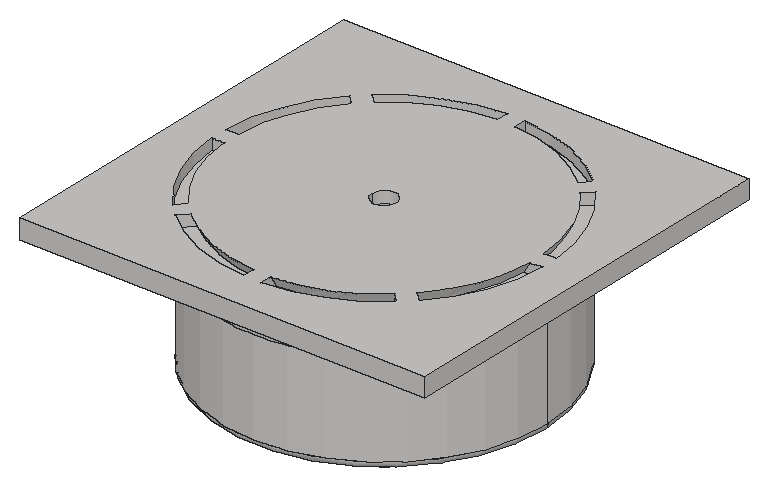
Revit family
Parameters (values of type "9630-SRF-2"")
  Width = 12"
  Waste Connection Radius = 1"
  Waste Connection Diameter = Waste Connection Radius * 2  # 2"
  Waste Connection = yes
  Vent Connection = no
  URL = "www.jrsmith.com"
  Price = "Prices may vary. Please consult Manufacturer Representative for most up-to-date price list."  # constant formula
  Phone Number = "416-250-5656"  # constant formula
  Omniclass Table 23 Title = "Waste Water Drains"  # constant formula
  Omniclass Table 23 Code = "23.70.50.21.24"  # constant formula
  Model = "9630-SRF-2\""
  Material = Metal-Jay R Smith-Stainless Steel
  Masterformat Title = "Sanitary Drains"  # constant formula
  Masterformat Number = "22 13 19.13"  # constant formula
  Manufacturer = "Jay R. Smith"
  Length = Width  # 12"
  Height = 6 1/2"
  HW Connection = no
  Description = "12\" Square top special purpose floor drain with heavy duty rim flow grate."
  Default Elevation = 0"
  Creation Date = "27/10/2014"  # constant formula
  Created By = "Allied Technical Services"  # constant formula
  CW Connection = no
  Assembly Code = "D2030300"
  ATS URL = "http://www.atsspec.net"
Types (10): name | Waste Connection Radius | Waste Connection Diameter | Model | Height
  (no name) | 1" | 2" | "9630-SRF-2\"" | 6 1/2"
  9630-SRF-2" | 1" | 2" | "9630-SRF-2\"" | 6 1/2"
  9630-SRF-3" | 1 1/2" | 3" | "9630-SRF-3\"" | 6 1/2"
  9630-SRF-4" | 2" | 4" | "9630-SRF-4\"" | 6 1/2"
  9631-SRF-2" | 1" | 2" | "9631-SRF-2\"" | 8 1/2"
  9631-SRF-3" | 1 1/2" | 3" | "9631-SRF-3\"" | 8 1/2"
  9631-SRF-4" | 2" | 4" | "9631-SRF-4\"" | 8 1/2"
  9632-SRF-2" | 1" | 2" | "9632-SRF-2\"" | 10 1/2"
  9632-SRF-3" | 1 1/2" | 3" | "9632-SRF-3\"" | 10 1/2"
  9632-SRF-4" | 2" | 4" | "9632-SRF-4\"" | 10 1/2"
Reference planes (in)
  plane 1 "Center (Front/Back)": y = 0
  plane 2: z = 0
  plane 3 "Center (Left/Right)": x = 0
  plane 4: x = -6
  plane 5: x = 6
  plane 6: z = 6.5
  plane 7: z = 2
  plane 8: x = -1
  plane 9: x = 1
  plane 10: z = 5.9312
  plane 11: x = 0
  plane 12: y = 0
Forms (in)
  Revolve 1, solid, material "Metal-Jay R Smith-Stainless Steel" <- "Material"
    sketch origin (0, 0, 0) x (1, 0, 0) y (0, 0, 1)
      loop
        line (-4.85146, 5.00929) -> (-4.85146, 2.21875)
        arc (-4.85146, 2.21875) -> (-4.78739, 2.06407) -> (-4.63271, 2) r 0.21875
        line (-4.63271, 2) -> (-3.60146, 2) -> (-1.125, 1.78334) -> (-1.125, 0) -> (-1, 0) -> (-1, 6.16937) -> (-0.3652, 6.16937) -> (-0.3652, 6.5) -> (-4.5352, 6.5) -> (-4.34432, 6.16937) -> (-4.9102, 6.16937) -> (-4.9102, 6.5) -> (-5.26404, 6.5) -> (-5.26404, 5.57734)
        arc (-5.26404, 5.57734) -> (-5.22877, 5.46877) -> (-5.13643, 5.40164) r 0.18476
        arc (-5.13643, 5.40164) -> (-4.93022, 5.25175) -> (-4.85146, 5.00929) r 0.41258
      axis (0, 6.5) -> (0, 0)
    angle from 0 to 360
  Extrusion 2, solid, material "Metal-Jay R Smith-Stainless Steel" <- "Material"
    sketch origin (-70.89762, -84.06857, 0) x (1, 0, 0) y (0, 1, 0)
      loop
        line (64.89762, 90.06857) -> (64.89762, 78.06857) -> (76.89762, 78.06857) -> (76.89762, 90.06857) -> (64.89762, 90.06857)
      loop
        circle (70.89762, 84.06857) r 5.11339
    from 5.9312 to 6.5
  Extrusion 3, solid, material "Metal-Jay R Smith-Stainless Steel" <- "Material"
    sketch origin (-68.94408, -50.83068, 0) x (1, 0, 0) y (0, 1, 0)
      loop
        arc (69.19408, 55.82443) -> (68.94408, 55.83068) -> (68.69408, 55.82443) r 5
        line (68.69408, 55.82443) -> (68.69408, 54.94366) -> (69.19408, 54.94366) -> (69.19408, 55.82443)
      loop
        arc (68.69408, 45.83694) -> (68.94408, 45.83068) -> (69.19408, 45.83694) r 5
        line (69.19408, 45.83694) -> (69.19408, 46.71771) -> (68.69408, 46.71771) -> (68.69408, 45.83694)
      loop
        arc (72.65197, 54.18502) -> (72.47962, 54.36622) -> (72.29842, 54.53857) r 5
        line (72.29842, 54.53857) -> (71.67562, 53.91577) -> (72.02917, 53.56222) -> (72.65197, 54.18502)
      loop
        arc (65.2362, 47.47635) -> (65.40855, 47.29515) -> (65.58975, 47.12279) r 5
        line (65.58975, 47.12279) -> (66.21255, 47.74559) -> (65.859, 48.09915) -> (65.2362, 47.47635)
      loop
        line (65.2362, 54.18502) -> (65.859, 53.56222) -> (66.21255, 53.91577) -> (65.58975, 54.53857)
        arc (65.58975, 54.53857) -> (65.40855, 54.36622) -> (65.2362, 54.18502) r 5
      loop
        line (72.65197, 47.47635) -> (72.02917, 48.09915) -> (71.67562, 47.74559) -> (72.29842, 47.12279)
        arc (72.29842, 47.12279) -> (72.47962, 47.29515) -> (72.65197, 47.47635) r 5
      loop
        line (63.95034, 50.58068) -> (64.83111, 50.58068) -> (64.83111, 51.08068) -> (63.95034, 51.08068)
        arc (63.95034, 51.08068) -> (63.94408, 50.83068) -> (63.95034, 50.58068) r 5
      loop
        line (73.93783, 51.08068) -> (73.05706, 51.08068) -> (73.05706, 50.58068) -> (73.93783, 50.58068)
        arc (73.93783, 50.58068) -> (73.94408, 50.83068) -> (73.93783, 51.08068) r 5
    from 5.9312 to 6.5
Cuts and joins
  joined: Revolve 1, Extrusion 2, Extrusion 3
Dimensions and locks (in)
  "Height": plane 6 to plane 2
  "Waste Connection Diameter": plane 9 to plane 8
  "Width": plane 5 to plane 4
  plane 7 to level = 2"
  equal spacing: plane 9, plane 3 "Center (Left/Right)", plane 8
  equal spacing: plane 5, plane 3 "Center (Left/Right)", plane 4
  locked: plane 8 to Revolve 1 sketch curve at 0.125
  locked: Revolve 1 sketch curve to plane 4 at 1.0898
  locked: Revolve 1 sketch curve to plane 4 at 1.65568
  plane 6 to plane 7 = 4 1/2"
  locked: plane 6 to plane 10 at 0.5688
  locked: Revolve 1 sketch curve to plane 6 (angle 60.00°)
  aligned and locked: plane 8 to Revolve 1 sketch curve
  aligned and locked: Revolve 1 sketch curve to plane 6  (x2)
  aligned and locked: Extrusion 2 to plane 10
  aligned and locked: plane 6 to Extrusion 2
  aligned and locked: Extrusion 3 to plane 10
  aligned and locked: plane 6 to Extrusion 3
Automatic sketch dimensions
  Extrusion 2 sketch curve to plane 4 = 0"
  Extrusion 2 sketch curve to plane 5 = 0"
  plane 1 "Center (Front/Back)" to Extrusion 2 sketch curve = 6"
  Extrusion 2 sketch curve to plane 1 "Center (Front/Back)" = 6"
  plane 1 "Center (Front/Back)" to Extrusion 2 sketch curve = 0"
  Extrusion 2 sketch curve to plane 3 "Center (Left/Right)" = 0"
  Extrusion 3 sketch curve to Extrusion 3 sketch curve = 0"  (x57)
  Extrusion 3 sketch curve to plane 11 = 0"
  plane 12 to Extrusion 3 sketch curve = 0"
  Extrusion 3 sketch curve to plane 11 = 1/4"  (x2)
  Extrusion 3 sketch curve to Extrusion 3 sketch curve = 2.48154"  (x6)
  Extrusion 3 sketch curve to Extrusion 3 sketch curve = 0.35355"  (x8)
  Extrusion 3 sketch curve to Extrusion 3 sketch curve = 0.6228"  (x4)
  plane 12 to Extrusion 3 sketch curve = 1/4"  (x2)
  Extrusion 3 sketch curve to Extrusion 3 sketch curve = 1.02789"  (x4)
  Extrusion 3 sketch curve to Extrusion 3 sketch curve = 0.88077"  (x4)
  Extrusion 3 sketch curve to plane 12 = 1/4"  (x2)
  plane 11 to Extrusion 3 sketch curve = 1/4"  (x2)
  plane 12 to Extrusion 3 sketch curve = 3.35434"
  Extrusion 3 sketch curve to Extrusion 3 sketch curve = 3.45789"
  Revolve 1 sketch curve to plane 7 = 0"
  Revolve 1 sketch curve to plane 3 "Center (Left/Right)" = 0"
  Revolve 1 sketch curve to level = 0"
  Revolve 1 sketch curve to Revolve 1 sketch curve = 0.16908"
  Revolve 1 sketch curve to Revolve 1 sketch curve = 0.05715"
  Revolve 1 sketch curve to Revolve 1 sketch curve = 0"
  Revolve 1 sketch curve to Revolve 1 sketch curve = 0.35384"
  Revolve 1 sketch curve to Revolve 1 sketch curve = 0.12761"
  Revolve 1 sketch curve to Revolve 1 sketch curve = 7/32"
  Revolve 1 sketch curve to Revolve 1 sketch curve = 3/8"
  Revolve 1 sketch curve to Revolve 1 sketch curve = 1 1/32"
  Revolve 1 sketch curve to plane 3 "Center (Left/Right)" = 0.3652"
  Revolve 1 sketch curve to level = 2 1/2"
  Revolve 1 sketch curve to Revolve 1 sketch curve = 0.64812"
  Revolve 1 sketch curve to plane 7 = 0.21666"
  Revolve 1 sketch curve to plane 10 = 0.92191"
  plane 10 to Revolve 1 sketch curve = 0.23817"
  radius of Extrusion 2 sketch curve = 5.11339"
Connectors (in)
  piping at (0, 0, 0), driven by "Waste Connection Radius"
    settings: on cut or joined group of Revolve 1, Extrusion 2, Extrusion 3, index 1
